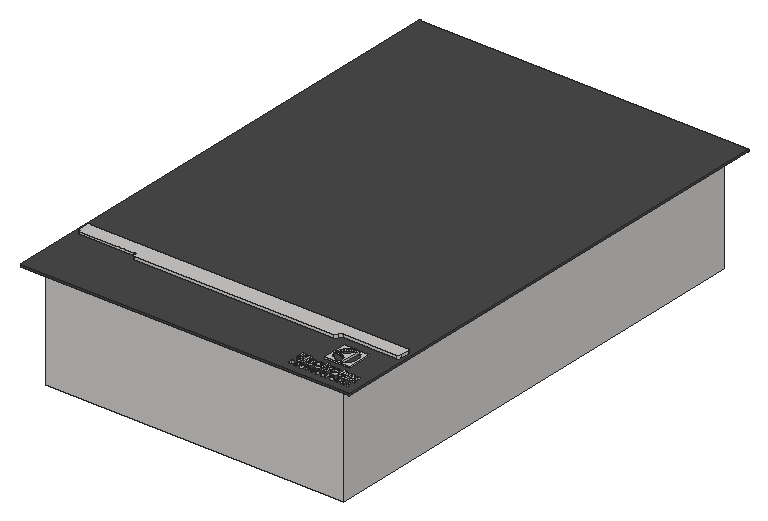
Revit family "QF_ELECTROLUXPROFESSIONAL_600876_E1HDEDOMCS", category Specialty Equipment, Revit 2018
Family settings
  Round Connector Dimension = Use Diameter
  Part Type = Normal
  Work Plane-Based = No
  Always vertical = Yes
  Cut with Voids When Loaded = No
  Shared = No
  Room Calculation Point = No
Parameters
  Watts = 0 W
  Volts = 0 V
  URL = ""
  Steam Supply Size = 0 mm
  Steam Supply Minimum Pressure = 0.0 Pa
  Steam Supply Maximum Pressure = 0.0 Pa
  Steam Pounds per Hour = 0
  Show Logo [instance] = yes
  Manufacturer = ""
  Phase = 0
  Model = ""
  Item Number = ""
  Hot Water Size = 0 mm
  HP = "4.7 HP"
  Gas Size = 0 mm
  Gas KW = 0
  Direct Waste Size = 0 mm
  Description = ""
  Cycle = 0 Hz
  Condensate Return Size = 0 mm
  Compressed Air Volume = 0.0 L/s
  Compressed Air Size = 0 mm
  Compressed Air Pressure = 0.0 Pa
  Cold Water Size = 0 mm
Reference planes
  plane 1 "Centro (Fronte/Retro)": y = 74.737
  plane 2: z = 0
  plane 3: x = -514.269
  plane 4 "LEFT": x = -709.269
  plane 5 "RIGHT": x = -319.269
  plane 6 "BACK": y = 369.737
  plane 7 "FRONT": y = -220.263
  plane 8: y = -124.263
  plane 9: z = 774
  plane 10: x = -690.269
  plane 11: x = -338.269
  plane 12: y = 355.737
  plane 13: y = -205.263
  plane 14: x = -442.269
  plane 15: y = 179.737
  plane 16: z = 900
Forms (mm)
  Extrusion 1, solid, material "QF_Finishes_Stainless Steel"
    sketch origin (0, 0, 774) x (1, 0, 0) y (0, 1, 0)
      loop
        line (-341.269, 352.737) -> (-687.269, 352.737) -> (-687.269, -202.263) -> (-341.269, -202.263) -> (-341.269, 352.737)
      loop
        line (-690.269, 355.737) -> (-690.269, -205.263) -> (-338.269, -205.263) -> (-338.269, 355.737) -> (-690.269, 355.737)
    from 21 to 126
  Extrusion 2, solid, material "QF_Finishes_Black"
    sketch origin (0, 0, 900) x (-1, 0, 0) y (0, -1, 0)
      loop
        arc (707.269, -369.737) -> (708.683, -369.151) -> (709.269, -367.737) r 2
        line (709.269, -367.737) -> (709.269, 218.263)
        arc (709.269, 218.263) -> (708.683, 219.677) -> (707.269, 220.263) r 2
        line (707.269, 220.263) -> (321.269, 220.263)
        arc (321.269, 220.263) -> (319.854, 219.677) -> (319.269, 218.263) r 2
        line (319.269, 218.263) -> (319.269, -367.737)
        arc (319.269, -367.737) -> (319.854, -369.151) -> (321.269, -369.737) r 2
        line (321.269, -369.737) -> (707.269, -369.737)
    from 0 to 2
  Extrusion 3, solid, material "QF_Finishes_Stainless Steel"
    sketch origin (0, 0, 900) x (-1, 0, 0) y (0, -1, 0)
      loop
        arc (701.269, 124.263) -> (703.39, 125.142) -> (704.269, 127.263) r 3
        line (704.269, 127.263) -> (704.269, 137.763)
        arc (704.269, 137.763) -> (703.39, 139.884) -> (701.269, 140.763) r 3
        line (701.269, 140.763) -> (637.269, 140.763)
        arc (637.269, 140.763) -> (635.147, 141.642) -> (634.269, 143.763) r 3
        arc (634.269, 143.763) -> (633.39, 145.884) -> (631.269, 146.763) r 3
        line (631.269, 146.763) -> (397.269, 146.763)
        arc (397.269, 146.763) -> (395.147, 145.884) -> (394.269, 143.763) r 3
        arc (394.269, 143.763) -> (393.39, 141.642) -> (391.269, 140.763) r 3
        line (391.269, 140.763) -> (327.269, 140.763)
        arc (327.269, 140.763) -> (325.147, 139.884) -> (324.269, 137.763) r 3
        line (324.269, 137.763) -> (324.269, 127.263)
        arc (324.269, 127.263) -> (325.147, 125.142) -> (327.269, 124.263) r 3
        line (327.269, 124.263) -> (701.269, 124.263)
    from 2 to 5
  Extrusion 4, solid, material "QF_Finishes_Stainless Steel"
    sketch origin (0, 0, 775) x (1, 0, 0) y (0, 1, 0)
      loop
        line (-690.269, 355.737) -> (-690.269, -205.263) -> (-338.269, -205.263) -> (-338.269, 355.737) -> (-690.269, 355.737)
    from 0 to 20
  Extrusion 5, solid, material "QF_Finishes_Stainless Steel"
    sketch origin (0, 0, 127) x (-1, 0, 0) y (0, -1, 0)
      loop
        circle (442.269, -179.737) r 10
    from 638.028 to 648
Cuts and joins
  joined: Extrusion 1, Extrusion 4
Lines and regions (mm)
  Split face 1
    outline origin (0, 0, 902) x (-1, 0, 0) y (0, -1, 0)
      loop
        line (324.269, 124.263) -> (324.269, -364.737) -> (704.269, -364.737) -> (704.269, 124.263) -> (324.269, 124.263)
  Split face 2
    outline origin (0, 0, 902) x (-1, 0, 0) y (0, -1, 0)
      loop
        line (704.269, -364.737) -> (704.269, 124.263) -> (324.269, 124.263) -> (324.269, -364.737) -> (704.269, -364.737)
  Split face 3
    outline origin (0, 0, 902) x (-1, 0, 0) y (0, -1, 0)
      loop
        circle (514.269, -120.237) r 139
  symbolic lines
    curve 1: arc (-375.269, 120.237, 126) -> (-514.269, 259.237, 126) -> (-653.269, 120.237, 126) r 139
    curve 2: arc (-653.269, 120.237, 126) -> (-514.269, -18.763, 126) -> (-375.269, 120.237, 126) r 139
    curve 3: line (-701.269, -140.763, 126) -> (-637.269, -140.763, 126)
    curve 4: arc (-637.269, -140.763, 126) -> (-635.147, -141.642, 126) -> (-634.269, -143.763, 126) r 3
    curve 5: arc (-634.269, -143.763, 126) -> (-633.39, -145.884, 126) -> (-631.269, -146.763, 126) r 3
    curve 6: line (-631.269, -146.763, 126) -> (-397.269, -146.763, 126)
    curve 7: arc (-397.269, -146.763, 126) -> (-395.147, -145.884, 126) -> (-394.269, -143.763, 126) r 3
    curve 8: arc (-394.269, -143.763, 126) -> (-393.39, -141.642, 126) -> (-391.269, -140.763, 126) r 3
    curve 9: line (-391.269, -140.763, 126) -> (-327.269, -140.763, 126)
    curve 10: arc (-327.269, -140.763, 126) -> (-325.147, -139.884, 126) -> (-324.269, -137.763, 126) r 3
    curve 11: line (-324.269, -137.763, 126) -> (-324.269, -127.263, 126)
    curve 12: arc (-324.269, -127.263, 126) -> (-325.147, -125.142, 126) -> (-327.269, -124.263, 126) r 3
    curve 13: line (-324.269, -124.263, 126) -> (-704.269, -124.263, 126)
    curve 14: arc (-701.269, -124.263, 126) -> (-703.39, -125.142, 126) -> (-704.269, -127.263, 126) r 3
    curve 15: line (-704.269, -127.263, 126) -> (-704.269, -137.763, 126)
    curve 16: arc (-704.269, -137.763, 126) -> (-703.39, -139.884, 126) -> (-701.269, -140.763, 126) r 3
    curve 17: line (-704.269, -124.263, 126) -> (-704.269, 364.737, 126)
    curve 18: line (-324.269, 364.737, 126) -> (-324.269, -124.263, 126)
    curve 19: line (-704.269, 364.737, 126) -> (-324.269, 364.737, 126)
    curve 20: line (-321.269, 369.737, 126) -> (-707.269, 369.737, 126)
    curve 21: arc (-707.269, 369.737, 126) -> (-708.683, 369.151, 126) -> (-709.269, 367.737, 126) r 2
    curve 22: line (-709.269, 367.737, 126) -> (-709.269, -218.263, 126)
    curve 23: arc (-709.269, -218.263, 126) -> (-708.683, -219.677, 126) -> (-707.269, -220.263, 126) r 2
    curve 24: line (-707.269, -220.263, 126) -> (-321.269, -220.263, 126)
    curve 25: arc (-321.269, -220.263, 126) -> (-319.854, -219.677, 126) -> (-319.269, -218.263, 126) r 2
    curve 26: line (-319.269, -218.263, 126) -> (-319.269, 367.737, 126)
    curve 27: arc (-319.269, 367.737, 126) -> (-319.854, 369.151, 126) -> (-321.269, 369.737, 126) r 2
    curve 28: line (-378.626, -153.452, 126) -> (-378.626, -182.168, 126)
    curve 29: line (-349.912, -153.452, 126) -> (-378.626, -153.452, 126)
    curve 30: line (-349.912, -182.168, 126) -> (-349.912, -153.452, 126)
    curve 31: line (-378.626, -182.168, 126) -> (-349.912, -182.168, 126)
    curve 32: line (-366.78, -170.975, 126) -> (-365.524, -171.98, 126)
    curve 33: line (-365.524, -171.98, 126) -> (-364.403, -173.12, 126)
    curve 34: line (-364.403, -173.12, 126) -> (-363.439, -174.381, 126)
    curve 35: line (-363.439, -174.381, 126) -> (-362.652, -175.748, 126)
    curve 36: arc (-362.652, -175.748, 126) -> (-361.85, -177.982, 126) -> (-361.568, -180.34, 126) r 10.532
    curve 37: arc (-361.568, -180.34, 126) -> (-362.906, -180.548, 126) -> (-364.258, -180.63, 126) r 14.39
    curve 38: line (-364.258, -180.63, 126) -> (-365.828, -180.532, 126)
    curve 39: line (-365.828, -180.532, 126) -> (-367.331, -180.252, 126)
    curve 40: line (-367.331, -180.252, 126) -> (-368.77, -179.801, 126)
    curve 41: line (-368.77, -179.801, 126) -> (-370.134, -179.191, 126)
    curve 42: line (-370.134, -179.191, 126) -> (-371.411, -178.434, 126)
    curve 43: line (-371.411, -178.434, 126) -> (-372.589, -177.541, 126)
    curve 44: line (-372.589, -177.541, 126) -> (-373.656, -176.525, 126)
    curve 45: line (-373.656, -176.525, 126) -> (-374.6, -175.397, 126)
    curve 46: line (-374.6, -175.397, 126) -> (-375.41, -174.168, 126)
    curve 47: line (-375.41, -174.168, 126) -> (-376.073, -172.852, 126)
    curve 48: line (-376.073, -172.852, 126) -> (-376.579, -171.46, 126)
    curve 49: line (-376.579, -171.46, 126) -> (-376.915, -170.003, 126)
    curve 50: line (-376.915, -170.003, 126) -> (-377.069, -168.493, 126)
    curve 51: line (-377.069, -168.493, 126) -> (-374.35, -168.493, 126)
    curve 52: line (-374.35, -168.493, 126) -> (-372.734, -168.602, 126)
    curve 53: line (-372.734, -168.602, 126) -> (-371.148, -168.919, 126)
    curve 54: line (-371.148, -168.919, 126) -> (-369.613, -169.43, 126)
    curve 55: line (-369.613, -169.43, 126) -> (-368.15, -170.12, 126)
    curve 56: line (-368.15, -170.12, 126) -> (-366.78, -170.975, 126)
    curve 57: line (-364.403, -162.507, 126) -> (-365.524, -163.648, 126)
    curve 58: line (-365.524, -163.648, 126) -> (-366.781, -164.654, 126)
    curve 59: line (-366.781, -164.654, 126) -> (-368.151, -165.509, 126)
    curve 60: line (-368.151, -165.509, 126) -> (-369.615, -166.2, 126)
    curve 61: line (-369.615, -166.2, 126) -> (-371.15, -166.712, 126)
    curve 62: line (-371.15, -166.712, 126) -> (-372.736, -167.029, 126)
    curve 63: line (-372.736, -167.029, 126) -> (-374.352, -167.138, 126)
    curve 64: line (-374.352, -167.138, 126) -> (-377.067, -167.138, 126)
    curve 65: line (-377.067, -167.138, 126) -> (-376.852, -165.495, 126)
    curve 66: line (-376.852, -165.495, 126) -> (-376.439, -163.92, 126)
    curve 67: line (-376.439, -163.92, 126) -> (-375.841, -162.424, 126)
    curve 68: line (-375.841, -162.424, 126) -> (-375.07, -161.023, 126)
    curve 69: line (-375.07, -161.023, 126) -> (-374.141, -159.732, 126)
    curve 70: line (-374.141, -159.732, 126) -> (-373.065, -158.564, 126)
    curve 71: line (-373.065, -158.564, 126) -> (-371.856, -157.535, 126)
    curve 72: line (-371.856, -157.535, 126) -> (-370.527, -156.661, 126)
    curve 73: line (-370.527, -156.661, 126) -> (-369.091, -155.954, 126)
    curve 74: line (-369.091, -155.954, 126) -> (-367.562, -155.431, 126)
    curve 75: line (-367.562, -155.431, 126) -> (-365.952, -155.107, 126)
    curve 76: arc (-365.952, -155.107, 126) -> (-363.752, -155.007, 126) -> (-361.567, -155.279, 126) r 13.008
    curve 77: arc (-361.567, -155.279, 126) -> (-361.815, -157.647, 126) -> (-362.651, -159.876, 126) r 9.395
    curve 78: line (-362.651, -159.876, 126) -> (-363.438, -161.245, 126)
    curve 79: line (-363.438, -161.245, 126) -> (-364.403, -162.507, 126)
    curve 80: line (-360.221, -179.969, 126) -> (-360.221, -155.646, 126)
    curve 81: line (-360.221, -155.646, 126) -> (-358.743, -156.237, 126)
    curve 82: line (-358.743, -156.237, 126) -> (-357.363, -157.003, 126)
    curve 83: line (-357.363, -157.003, 126) -> (-356.095, -157.931, 126)
    curve 84: line (-356.095, -157.931, 126) -> (-354.951, -159.007, 126)
    curve 85: line (-354.951, -159.007, 126) -> (-353.945, -160.217, 126)
    curve 86: line (-353.945, -160.217, 126) -> (-353.092, -161.548, 126)
    curve 87: line (-353.092, -161.548, 126) -> (-352.403, -162.986, 126)
    curve 88: line (-352.403, -162.986, 126) -> (-351.894, -164.517, 126)
    curve 89: line (-351.894, -164.517, 126) -> (-351.576, -166.128, 126)
    curve 90: line (-351.576, -166.128, 126) -> (-351.464, -167.804, 126)
    curve 91: line (-351.464, -167.804, 126) -> (-351.567, -169.456, 126)
    curve 92: line (-351.567, -169.456, 126) -> (-351.873, -171.047, 126)
    curve 93: line (-351.873, -171.047, 126) -> (-352.372, -172.563, 126)
    curve 94: line (-352.372, -172.563, 126) -> (-353.05, -173.992, 126)
    curve 95: line (-353.05, -173.992, 126) -> (-353.897, -175.319, 126)
    curve 96: line (-353.897, -175.319, 126) -> (-354.899, -176.532, 126)
    curve 97: line (-354.899, -176.532, 126) -> (-356.044, -177.617, 126)
    curve 98: line (-356.044, -177.617, 126) -> (-357.321, -178.56, 126)
    curve 99: line (-357.321, -178.56, 126) -> (-358.718, -179.349, 126)
    curve 100: line (-358.718, -179.349, 126) -> (-360.221, -179.969, 126)
    curve 101: line (-392.542, -189.445, 126) -> (-399.495, -189.445, 126)
    curve 102: line (-399.495, -189.445, 126) -> (-399.495, -193.353, 126)
    curve 103: line (-399.495, -193.353, 126) -> (-399.495, -197.154, 126)
    curve 104: arc (-399.495, -197.154, 126) -> (-398.466, -199.638, 126) -> (-395.982, -200.667, 126) r 3.513
    curve 105: line (-395.982, -200.667, 126) -> (-392.408, -200.667, 126)
    curve 106: line (-392.408, -200.667, 126) -> (-392.408, -198.85, 126)
    curve 107: line (-392.408, -198.85, 126) -> (-395.966, -198.85, 126)
    curve 108: arc (-395.966, -198.85, 126) -> (-397.094, -198.382, 126) -> (-397.562, -197.254, 126) r 1.596
    curve 109: line (-397.562, -197.254, 126) -> (-397.562, -195.74, 126)
    curve 110: line (-397.562, -195.74, 126) -> (-392.843, -195.74, 126)
    curve 111: line (-392.843, -195.74, 126) -> (-392.843, -193.917, 126)
    curve 112: line (-392.843, -193.917, 126) -> (-397.563, -193.917, 126)
    curve 113: line (-397.563, -193.917, 126) -> (-397.563, -191.264, 126)
    curve 114: line (-397.563, -191.264, 126) -> (-392.542, -191.264, 126)
    curve 115: line (-392.542, -191.264, 126) -> (-392.542, -189.445, 126)
    curve 116: line (-391.035, -189.455, 126) -> (-391.035, -194.76, 126)
    curve 117: line (-391.035, -194.76, 126) -> (-391.035, -200.681, 126)
    curve 118: line (-391.035, -200.681, 126) -> (-389.101, -200.681, 126)
    curve 119: line (-389.101, -200.681, 126) -> (-389.101, -194.721, 126)
    curve 120: line (-389.101, -194.721, 126) -> (-389.101, -189.455, 126)
    curve 121: line (-389.101, -189.455, 126) -> (-391.035, -189.455, 126)
    curve 122: arc (-380.394, -193.787, 126) -> (-383.654, -192.313, 126) -> (-386.913, -193.787, 126) r 4.34
    curve 123: arc (-386.913, -193.787, 126) -> (-387.819, -196.606, 126) -> (-386.913, -199.425, 126) r 4.838
    curve 124: arc (-386.913, -199.425, 126) -> (-383.498, -200.88, 126) -> (-380.082, -199.425, 126) r 4.737
    curve 125: line (-380.082, -199.425, 126) -> (-381.246, -198.293, 126)
    curve 126: arc (-381.246, -198.293, 126) -> (-383.382, -199.237, 126) -> (-385.517, -198.293, 126) r 2.888
    curve 127: arc (-385.517, -198.293, 126) -> (-385.841, -197.736, 126) -> (-385.905, -197.095, 126) r 1.527
    curve 128: line (-385.905, -197.095, 126) -> (-379.564, -197.095, 126)
    curve 129: arc (-379.564, -197.095, 126) -> (-379.672, -195.364, 126) -> (-380.394, -193.787, 126) r 4.757
    curve 130: arc (-385.858, -195.736, 126) -> (-385.043, -194.411, 126) -> (-383.56, -193.941, 126) r 2.23
    curve 131: arc (-383.56, -193.941, 126) -> (-382.221, -194.482, 126) -> (-381.505, -195.736, 126) r 2.201
    curve 132: line (-381.505, -195.736, 126) -> (-385.858, -195.736, 126)
    curve 133: arc (-370.832, -193.681, 126) -> (-378.564, -196.594, 126) -> (-370.832, -199.507, 126) r 4.415
    curve 134: line (-370.832, -199.507, 126) -> (-372.029, -198.26, 126)
    curve 135: arc (-372.029, -198.26, 126) -> (-376.639, -196.593, 126) -> (-372.029, -194.927, 126) r 2.606
    curve 136: line (-372.029, -194.927, 126) -> (-370.832, -193.681, 126)
    curve 137: line (-369.629, -189.455, 126) -> (-369.629, -193.481, 126)
    curve 138: line (-369.629, -193.481, 126) -> (-369.629, -197.299, 126)
    curve 139: arc (-369.629, -197.299, 126) -> (-368.592, -199.893, 126) -> (-365.911, -200.681, 126) r 3.196
    curve 140: line (-365.911, -200.681, 126) -> (-365.904, -198.864, 126)
    curve 141: arc (-365.904, -198.864, 126) -> (-367.239, -198.457, 126) -> (-367.699, -197.14, 126) r 1.542
    curve 142: line (-367.699, -197.14, 126) -> (-367.699, -194.319, 126)
    curve 143: line (-367.699, -194.319, 126) -> (-365.94, -194.319, 126)
    curve 144: line (-365.94, -194.319, 126) -> (-365.94, -192.562, 126)
    curve 145: line (-365.94, -192.562, 126) -> (-367.696, -192.562, 126)
    curve 146: line (-367.696, -192.562, 126) -> (-367.696, -189.455, 126)
    curve 147: line (-367.696, -189.455, 126) -> (-369.629, -189.455, 126)
    curve 148: arc (-359.402, -192.451, 126) -> (-361.13, -192.587, 126) -> (-362.397, -193.771, 126) r 2.627
    curve 149: line (-362.397, -193.771, 126) -> (-362.397, -192.563, 126)
    curve 150: line (-362.397, -192.563, 126) -> (-364.315, -192.563, 126)
    curve 151: line (-364.315, -192.563, 126) -> (-364.315, -196.541, 126)
    curve 152: line (-364.315, -196.541, 126) -> (-364.315, -200.681, 126)
    curve 153: line (-364.315, -200.681, 126) -> (-362.397, -200.681, 126)
    curve 154: line (-362.397, -200.681, 126) -> (-362.397, -196.412, 126)
    curve 155: arc (-362.397, -196.412, 126) -> (-361.445, -194.585, 126) -> (-359.402, -194.319, 126) r 2.229
    curve 156: line (-359.402, -194.319, 126) -> (-359.402, -192.451, 126)
    curve 157: arc (-359.088, -196.625, 126) -> (-354.668, -201.046, 126) -> (-350.248, -196.625, 126) r 4.42
    curve 158: arc (-350.248, -196.625, 126) -> (-354.668, -192.205, 126) -> (-359.088, -196.625, 126) r 4.42
    curve 159: arc (-357.176, -196.625, 126) -> (-354.668, -194.117, 126) -> (-352.16, -196.625, 126) r 2.508
    curve 160: arc (-352.16, -196.625, 126) -> (-354.668, -199.134, 126) -> (-357.176, -196.625, 126) r 2.508
    curve 161: line (-349.058, -194.566, 126) -> (-349.058, -200.682, 126)
    curve 162: line (-349.058, -200.682, 126) -> (-347.124, -200.682, 126)
    curve 163: line (-347.124, -200.682, 126) -> (-347.124, -194.643, 126)
    curve 164: line (-347.124, -194.643, 126) -> (-347.124, -189.454, 126)
    curve 165: line (-347.124, -189.454, 126) -> (-349.058, -189.454, 126)
    curve 166: line (-349.058, -189.454, 126) -> (-349.058, -194.566, 126)
    curve 167: line (-345.646, -192.562, 126) -> (-345.646, -194.915, 126)
    curve 168: line (-345.646, -194.915, 126) -> (-345.646, -197.715, 126)
    curve 169: arc (-345.646, -197.715, 126) -> (-341.931, -201.044, 126) -> (-338.204, -197.728, 126) r 3.745
    curve 170: line (-338.204, -197.728, 126) -> (-338.204, -194.915, 126)
    curve 171: line (-338.204, -194.915, 126) -> (-338.204, -192.562, 126)
    curve 172: line (-338.204, -192.562, 126) -> (-340.152, -192.562, 126)
    curve 173: line (-340.152, -192.562, 126) -> (-340.152, -197.299, 126)
    curve 174: arc (-340.152, -197.299, 126) -> (-341.925, -199.071, 126) -> (-343.697, -197.299, 126) r 1.772
    curve 175: line (-343.697, -197.299, 126) -> (-343.697, -192.562, 126)
    curve 176: line (-343.697, -192.562, 126) -> (-345.646, -192.562, 126)
    curve 177: line (-331.418, -192.563, 126) -> (-333.174, -194.995, 126)
    curve 178: line (-333.174, -194.995, 126) -> (-334.946, -192.563, 126)
    curve 179: line (-334.946, -192.563, 126) -> (-337.039, -192.563, 126)
    curve 180: line (-337.039, -192.563, 126) -> (-335.839, -194.205, 126)
    curve 181: line (-335.839, -194.205, 126) -> (-334.237, -196.397, 126)
    curve 182: line (-334.237, -196.397, 126) -> (-335.916, -198.735, 126)
    curve 183: line (-335.916, -198.735, 126) -> (-337.313, -200.682, 126)
    curve 184: line (-337.313, -200.682, 126) -> (-335.235, -200.682, 126)
    curve 185: line (-335.235, -200.682, 126) -> (-333.174, -197.813, 126)
    curve 186: line (-333.174, -197.813, 126) -> (-331.112, -200.682, 126)
    curve 187: line (-331.112, -200.682, 126) -> (-329.034, -200.682, 126)
    curve 188: line (-329.034, -200.682, 126) -> (-330.891, -198.085, 126)
    curve 189: line (-330.891, -198.085, 126) -> (-332.11, -196.38, 126)
    curve 190: line (-332.11, -196.38, 126) -> (-330.601, -194.325, 126)
    curve 191: line (-330.601, -194.325, 126) -> (-329.308, -192.563, 126)
    curve 192: line (-329.308, -192.563, 126) -> (-331.418, -192.563, 126)
    curve 193: line (-331.398, -205.699, 126) -> (-331.398, -209.59, 126)
    curve 194: line (-331.398, -209.59, 126) -> (-329.102, -209.59, 126)
    curve 195: line (-329.102, -209.59, 126) -> (-329.102, -208.79, 126)
    curve 196: line (-329.102, -208.79, 126) -> (-330.599, -208.79, 126)
    curve 197: line (-330.599, -208.79, 126) -> (-330.599, -205.699, 126)
    curve 198: line (-330.599, -205.699, 126) -> (-331.398, -205.699, 126)
    curve 199: line (-334.574, -209.59, 126) -> (-336.095, -205.7, 126)
    curve 200: line (-336.095, -205.7, 126) -> (-336.895, -205.7, 126)
    curve 201: line (-336.895, -205.7, 126) -> (-338.488, -209.59, 126)
    curve 202: line (-338.488, -209.59, 126) -> (-337.629, -209.59, 126)
    curve 203: line (-337.629, -209.59, 126) -> (-337.25, -208.75, 126)
    curve 204: line (-337.25, -208.75, 126) -> (-335.811, -208.75, 126)
    curve 205: line (-335.811, -208.75, 126) -> (-335.432, -209.59, 126)
    curve 206: line (-335.432, -209.59, 126) -> (-334.574, -209.59, 126)
    curve 207: line (-336.947, -207.983, 126) -> (-336.529, -206.965, 126)
    curve 208: line (-336.529, -206.965, 126) -> (-336.131, -207.983, 126)
    curve 209: line (-336.131, -207.983, 126) -> (-336.947, -207.983, 126)
    curve 210: line (-341.641, -209.59, 126) -> (-341.641, -205.699, 126)
    curve 211: line (-341.641, -205.699, 126) -> (-342.471, -205.699, 126)
    curve 212: line (-342.471, -205.699, 126) -> (-342.471, -208.219, 126)
    curve 213: line (-342.471, -208.219, 126) -> (-344.251, -205.699, 126)
    curve 214: line (-344.251, -205.699, 126) -> (-345.051, -205.699, 126)
    curve 215: line (-345.051, -205.699, 126) -> (-345.051, -209.59, 126)
    curve 216: line (-345.051, -209.59, 126) -> (-344.221, -209.59, 126)
    curve 217: line (-344.221, -209.59, 126) -> (-344.221, -207.143, 126)
    curve 218: line (-344.221, -207.143, 126) -> (-342.441, -209.59, 126)
    curve 219: line (-342.441, -209.59, 126) -> (-341.641, -209.59, 126)
    curve 220: arc (-349.119, -207.668, 126) -> (-350.407, -208.956, 126) -> (-351.695, -207.668, 126) r 1.288
    curve 221: arc (-351.695, -207.668, 126) -> (-350.407, -206.38, 126) -> (-349.119, -207.668, 126) r 1.288
    curve 222: arc (-348.342, -207.668, 126) -> (-350.407, -205.603, 126) -> (-352.472, -207.668, 126) r 2.065
    curve 223: arc (-352.472, -207.668, 126) -> (-350.407, -209.733, 126) -> (-348.342, -207.668, 126) r 2.065
    curve 224: line (-355.791, -209.59, 126) -> (-355.791, -205.699, 126)
    curve 225: line (-355.791, -205.699, 126) -> (-356.591, -205.699, 126)
    curve 226: line (-356.591, -205.699, 126) -> (-356.591, -209.59, 126)
    curve 227: line (-356.591, -209.59, 126) -> (-355.791, -209.59, 126)
    curve 228: arc (-360.746, -209.568, 126) -> (-359.926, -208.793, 126) -> (-360.211, -207.702, 126) r 1.107
    curve 229: arc (-360.211, -207.702, 126) -> (-360.788, -207.348, 126) -> (-361.405, -207.067, 126) r 5.523
    curve 230: arc (-361.405, -207.067, 126) -> (-361.745, -206.55, 126) -> (-361.183, -206.293, 126) r 0.407
    curve 231: arc (-361.183, -206.293, 126) -> (-360.846, -206.498, 126) -> (-360.566, -206.775, 126) r 1.702
    curve 232: line (-360.566, -206.775, 126) -> (-359.88, -206.363, 126)
    curve 233: arc (-359.88, -206.363, 126) -> (-360.313, -205.902, 126) -> (-360.848, -205.566, 126) r 2.463
    curve 234: arc (-360.848, -205.566, 126) -> (-362.518, -206.347, 126) -> (-361.471, -207.864, 126) r 1.207
    curve 235: line (-361.471, -207.864, 126) -> (-361.009, -208.812, 126)
    curve 236: arc (-361.009, -208.812, 126) -> (-361.653, -208.798, 126) -> (-362.132, -208.367, 126) r 0.925
    curve 237: line (-362.132, -208.367, 126) -> (-362.851, -208.718, 126)
    curve 238: arc (-362.851, -208.718, 126) -> (-361.958, -209.538, 126) -> (-360.746, -209.568, 126) r 1.725
    curve 239: arc (-366.606, -209.568, 126) -> (-365.785, -208.793, 126) -> (-366.071, -207.702, 126) r 1.107
    curve 240: arc (-366.071, -207.702, 126) -> (-366.648, -207.348, 126) -> (-367.264, -207.067, 126) r 5.523
    curve 241: arc (-367.264, -207.067, 126) -> (-367.604, -206.55, 126) -> (-367.043, -206.293, 126) r 0.407
    curve 242: arc (-367.043, -206.293, 126) -> (-366.706, -206.498, 126) -> (-366.425, -206.775, 126) r 1.702
    curve 243: line (-366.425, -206.775, 126) -> (-365.74, -206.363, 126)
    curve 244: arc (-365.74, -206.363, 126) -> (-366.172, -205.902, 126) -> (-366.708, -205.566, 126) r 2.463
    curve 245: arc (-366.708, -205.566, 126) -> (-368.378, -206.347, 126) -> (-367.331, -207.864, 126) r 1.207
    curve 246: line (-367.331, -207.864, 126) -> (-366.868, -208.812, 126)
    curve 247: arc (-366.868, -208.812, 126) -> (-367.513, -208.798, 126) -> (-367.991, -208.367, 126) r 0.925
    curve 248: line (-367.991, -208.367, 126) -> (-368.711, -208.718, 126)
    curve 249: arc (-368.711, -208.718, 126) -> (-367.818, -209.538, 126) -> (-366.606, -209.568, 126) r 1.725
    curve 250: line (-373.017, -209.59, 126) -> (-371.761, -209.59, 126)
    curve 251: line (-371.761, -209.59, 126) -> (-371.761, -208.79, 126)
    curve 252: line (-371.761, -208.79, 126) -> (-372.922, -208.79, 126)
    curve 253: arc (-372.922, -208.79, 126) -> (-373.361, -208.576, 126) -> (-373.464, -208.099, 126) r 0.558
    curve 254: line (-373.464, -208.099, 126) -> (-371.907, -208.099, 126)
    curve 255: line (-371.907, -208.099, 126) -> (-371.907, -207.299, 126)
    curve 256: line (-371.907, -207.299, 126) -> (-373.464, -207.299, 126)
    curve 257: line (-373.464, -207.299, 126) -> (-373.464, -206.499, 126)
    curve 258: line (-373.464, -206.499, 126) -> (-371.799, -206.499, 126)
    curve 259: line (-371.799, -206.499, 126) -> (-371.799, -205.699, 126)
    curve 260: line (-371.799, -205.699, 126) -> (-374.264, -205.699, 126)
    curve 261: line (-374.264, -205.699, 126) -> (-374.264, -208.344, 126)
    curve 262: arc (-374.264, -208.344, 126) -> (-373.899, -209.225, 126) -> (-373.017, -209.59, 126) r 1.246
    curve 263: line (-379.169, -209.59, 126) -> (-379.169, -208.099, 126)
    curve 264: line (-379.169, -208.099, 126) -> (-377.704, -208.099, 126)
    curve 265: line (-377.704, -208.099, 126) -> (-377.704, -207.299, 126)
    curve 266: line (-377.704, -207.299, 126) -> (-379.169, -207.299, 126)
    curve 267: line (-379.169, -207.299, 126) -> (-379.169, -206.499, 126)
    curve 268: line (-379.169, -206.499, 126) -> (-377.564, -206.499, 126)
    curve 269: line (-377.564, -206.499, 126) -> (-377.564, -205.699, 126)
    curve 270: line (-377.564, -205.699, 126) -> (-379.969, -205.699, 126)
    curve 271: line (-379.969, -205.699, 126) -> (-379.969, -209.59, 126)
    curve 272: line (-379.969, -209.59, 126) -> (-379.169, -209.59, 126)
    curve 273: arc (-387.472, -207.668, 126) -> (-385.407, -209.733, 126) -> (-383.342, -207.668, 126) r 2.065
    curve 274: arc (-384.119, -207.668, 126) -> (-385.407, -208.956, 126) -> (-386.695, -207.668, 126) r 1.288
    curve 275: arc (-386.695, -207.668, 126) -> (-385.407, -206.38, 126) -> (-384.119, -207.668, 126) r 1.288
    curve 276: arc (-383.342, -207.668, 126) -> (-385.407, -205.603, 126) -> (-387.472, -207.668, 126) r 2.065
    curve 277: line (-390.05, -209.59, 126) -> (-391.058, -207.929, 126)
    curve 278: arc (-391.058, -207.929, 126) -> (-390.677, -206.531, 126) -> (-391.863, -205.699, 126) r 1.26
    curve 279: line (-391.863, -205.699, 126) -> (-393.389, -205.699, 126)
    curve 280: line (-393.389, -205.699, 126) -> (-393.389, -209.59, 126)
    curve 281: line (-393.389, -209.59, 126) -> (-392.589, -209.59, 126)
    curve 282: line (-392.589, -209.59, 126) -> (-392.589, -208.249, 126)
    curve 283: line (-392.589, -208.249, 126) -> (-391.763, -208.249, 126)
    curve 284: line (-391.763, -208.249, 126) -> (-390.957, -209.59, 126)
    curve 285: line (-390.957, -209.59, 126) -> (-390.05, -209.59, 126)
    curve 286: line (-391.782, -207.52, 126) -> (-392.589, -207.52, 126)
    curve 287: line (-392.589, -207.52, 126) -> (-392.589, -206.434, 126)
    curve 288: line (-392.589, -206.434, 126) -> (-391.782, -206.434, 126)
    curve 289: arc (-391.782, -206.434, 126) -> (-391.383, -206.977, 126) -> (-391.782, -207.52, 126) r 0.569
    curve 290: line (-398.667, -209.59, 126) -> (-398.667, -208.271, 126)
    curve 291: line (-398.667, -208.271, 126) -> (-397.697, -208.271, 126)
    curve 292: arc (-397.697, -208.271, 126) -> (-396.674, -206.863, 126) -> (-397.967, -205.699, 126) r 1.3
    curve 293: line (-397.967, -205.699, 126) -> (-399.467, -205.699, 126)
    curve 294: line (-399.467, -205.699, 126) -> (-399.467, -209.59, 126)
    curve 295: line (-399.467, -209.59, 126) -> (-398.667, -209.59, 126)
    curve 296: line (-397.861, -207.52, 126) -> (-398.667, -207.52, 126)
    curve 297: line (-398.667, -207.52, 126) -> (-398.667, -206.434, 126)
    curve 298: line (-398.667, -206.434, 126) -> (-397.861, -206.434, 126)
    curve 299: arc (-397.861, -206.434, 126) -> (-397.461, -206.977, 126) -> (-397.861, -207.52, 126) r 0.569
Dimensions and locks
  equal spacing: plane 4 "LEFT", plane 3, plane 5 "RIGHT"
  plane 4 "LEFT" to plane 5 "RIGHT" = 390 mm
  equal spacing: plane 6 "BACK", plane 1 "Centro (Fronte/Retro)", plane 7 "FRONT"
  plane 6 "BACK" to plane 7 "FRONT" = 590 mm
  locked: plane 4 "LEFT" to plane 10 at 19
  locked: plane 11 to plane 5 "RIGHT" at 19
  locked: plane 6 "BACK" to plane 12 at 14
  locked: plane 13 to plane 7 "FRONT" at 15
  locked: plane 14 to plane 5 "RIGHT" at 123
  plane 6 "BACK" to plane 15 = 190 mm
  plane 16 to level = 900 mm
  Extrusion 2 to Extrusion 4 = 127 mm
  aligned and locked: level to plane 2
Automatic sketch dimensions
  Extrusion 1 sketch curve to plane 10 = 0 mm
  Extrusion 1 sketch curve to plane 11 = 0 mm
  Extrusion 1 sketch curve to plane 13 = 0 mm
  Extrusion 1 sketch curve to plane 12 = 0 mm
  plane 10 to Extrusion 1 sketch curve = 3 mm
  Extrusion 1 sketch curve to plane 11 = 3 mm
  plane 13 to Extrusion 1 sketch curve = 3 mm
  Extrusion 1 sketch curve to plane 12 = 3 mm
  Extrusion 2 sketch curve to plane 5 "RIGHT" = 0 mm
  Extrusion 2 sketch curve to plane 6 "BACK" = 0 mm
  Extrusion 2 sketch curve to plane 7 "FRONT" = 0 mm
  Extrusion 2 sketch curve to plane 4 "LEFT" = 0 mm
  Extrusion 2 sketch curve to plane 5 "RIGHT" = 2 mm  (x2)
  plane 4 "LEFT" to Extrusion 2 sketch curve = 2 mm
  Extrusion 2 sketch curve to Extrusion 2 sketch curve = 2 mm
  Extrusion 3 sketch curve to plane 8 = 0 mm
  Extrusion 3 sketch curve to plane 5 "RIGHT" = 5 mm
  Extrusion 3 sketch curve to Extrusion 3 sketch curve = 3 mm  (x3)
  Extrusion 3 sketch curve to plane 8 = 19.5 mm
  Extrusion 3 sketch curve to plane 11 = 53 mm
  Extrusion 3 sketch curve to Extrusion 3 sketch curve = 6 mm  (x2)
  Extrusion 3 sketch curve to plane 8 = 22.5 mm
  plane 10 to Extrusion 3 sketch curve = 59 mm
  plane 4 "LEFT" to Extrusion 3 sketch curve = 8 mm  (x2)
  Extrusion 3 sketch curve to plane 8 = 3 mm
  Extrusion 3 sketch curve to Extrusion 3 sketch curve = 10.5 mm  (x2)
  Split face 1 sketch curve to Extrusion 2 = 5 mm  (x3)
  Split face 1 sketch curve to Extrusion 2 = 96 mm
  Extrusion 4 sketch curve to plane 10 = 0 mm
  Extrusion 4 sketch curve to plane 11 = 0 mm
  Extrusion 4 sketch curve to plane 13 = 0 mm
  Extrusion 4 sketch curve to plane 12 = 0 mm
  Extrusion 5 sketch curve to plane 14 = 0 mm
  Extrusion 5 sketch curve to plane 15 = 0 mm
  Split face 2 sketch curve to Extrusion 2 = 5 mm  (x3)
  Split face 2 sketch curve to Extrusion 2 = 96 mm
  Split face 3 sketch curve to Split face 3 sketch curve = 0 mm  (x2)
  Split face 3 sketch curve to Extrusion 2 = 195 mm
  Split face 3 sketch curve to Extrusion 2 = 249.5 mm
  Split face 3 sketch curve to Extrusion 2 = 56 mm
  curve 26 to plane 5 "RIGHT" = 0 mm
  curve 25 to plane 7 "FRONT" = 0 mm
  curve 27 to plane 6 "BACK" = 0 mm
  curve 13 to plane 8 = 0 mm
  curve 2 to plane 3 = 0 mm
  curve 22 to plane 4 "LEFT" = 0 mm
  curve 24 to plane 5 "RIGHT" = 2 mm
  curve 27 to plane 5 "RIGHT" = 2 mm
  curve 11 to plane 8 = 3 mm
  curve 11 to plane 5 "RIGHT" = 5 mm
  curve 27 to curve 19 = 3 mm
  curve 10 to curve 10 = 3 mm
  curve 8 to plane 8 = 19.5 mm
  plane 14 to curve 8 = 51 mm
  curve 8 to curve 6 = 6 mm
  curve 5 to plane 8 = 19.5 mm
  plane 10 to curve 5 = 59 mm
  curve 5 to curve 3 = 6 mm
  plane 4 "LEFT" to curve 3 = 8 mm
  curve 14 to plane 8 = 3 mm
  plane 4 "LEFT" to curve 14 = 8 mm
  plane 4 "LEFT" to curve 19 = 5 mm
  curve 21 to curve 22 = 2 mm
  curve 23 to curve 22 = 2 mm
  curve 27 to curve 18 = 3 mm
  curve 2 to plane 1 "Centro (Fronte/Retro)" = 45.5 mm
  curve 12 to curve 11 = 10.5 mm
  curve 14 to curve 16 = 10.5 mm
  curve 5 to curve 6 = 3 mm
  curve 1 to plane 11 = 37 mm
  curve 29 to curve 8 = 12.643 mm
  curve 8 to curve 28 = 9.689 mm
  curve 29 to plane 11 = 11.643 mm
  plane 13 to curve 30 = 23.095 mm
  curve 30 to curve 35 = 12.741 mm
  curve 36 to curve 34 = 0.787 mm
  curve 35 to curve 38 = 1.605 mm
  curve 34 to curve 33 = 0.964 mm
  curve 34 to curve 37 = 0.045 mm
  curve 34 to curve 32 = 1.121 mm
  curve 37 to curve 38 = 1.57 mm
  curve 33 to curve 56 = 1.256 mm
  curve 38 to curve 39 = 1.503 mm
  curve 56 to curve 55 = 1.37 mm
  curve 39 to curve 41 = 1.439 mm
  curve 55 to curve 54 = 1.463 mm
  curve 40 to curve 41 = 1.364 mm
  curve 55 to curve 53 = 1.535 mm
  curve 42 to curve 43 = 1.277 mm
  curve 43 to curve 36 = 0.689 mm
  curve 43 to curve 44 = 1.178 mm
  curve 53 to curve 53 = 1.586 mm
  curve 43 to curve 44 = 1.067 mm
  curve 53 to curve 52 = 1.616 mm
  curve 44 to curve 45 = 0.944 mm
  curve 45 to curve 47 = 0.81 mm
  curve 46 to curve 47 = 0.664 mm
  curve 47 to curve 48 = 0.506 mm
  curve 48 to curve 49 = 0.336 mm
  curve 50 to curve 50 = 0.154 mm
  curve 28 to curve 37 = 12.789 mm
  curve 37 to curve 50 = 2.252 mm
  curve 51 to curve 52 = 0.109 mm
  curve 52 to curve 53 = 0.317 mm
  curve 53 to curve 54 = 0.511 mm
  curve 50 to curve 50 = 1.51 mm
  curve 54 to curve 56 = 0.69 mm
  curve 55 to curve 56 = 0.855 mm
  curve 49 to curve 49 = 1.457 mm
  curve 32 to curve 32 = 1.005 mm
  curve 48 to curve 48 = 1.393 mm
  curve 32 to curve 33 = 1.14 mm
  curve 48 to curve 47 = 1.316 mm
  curve 33 to curve 34 = 1.261 mm
  curve 47 to curve 46 = 1.228 mm
  curve 35 to curve 35 = 1.367 mm
  curve 45 to curve 45 = 1.128 mm
  curve 45 to curve 43 = 1.016 mm
  curve 43 to curve 43 = 0.893 mm
  curve 42 to curve 42 = 0.757 mm
  curve 41 to curve 40 = 0.61 mm
  curve 40 to curve 39 = 0.451 mm
  curve 43 to curve 36 = 1.968 mm
  curve 39 to curve 38 = 0.28 mm
  curve 38 to curve 38 = 0.098 mm
  curve 78 to curve 37 = 1.797 mm
  curve 78 to curve 79 = 0.787 mm
  curve 76 to curve 37 = 0.187 mm
  curve 78 to curve 57 = 0.965 mm
  curve 57 to curve 57 = 1.121 mm
  curve 77 to curve 75 = 3.3 mm
  curve 57 to curve 58 = 1.256 mm
  curve 76 to curve 75 = 1.61 mm
  curve 59 to curve 60 = 1.37 mm
  curve 74 to curve 74 = 1.53 mm
  curve 59 to curve 61 = 1.464 mm
  curve 74 to curve 73 = 1.436 mm
  curve 72 to curve 77 = 0.433 mm
  curve 60 to curve 62 = 1.535 mm
  curve 72 to curve 71 = 1.329 mm
  curve 52 to curve 62 = 0.002 mm
  curve 71 to curve 71 = 1.209 mm
  curve 71 to curve 70 = 1.076 mm
  curve 51 to curve 64 = 0.002 mm
  curve 69 to curve 69 = 0.93 mm
  curve 68 to curve 68 = 0.771 mm
  curve 67 to curve 67 = 0.598 mm
  curve 66 to curve 66 = 0.413 mm
  curve 65 to curve 50 = 0.002 mm
  curve 75 to curve 37 = 11.134 mm
  curve 76 to curve 74 = 0.325 mm
  curve 74 to curve 77 = 0.059 mm
  curve 74 to curve 73 = 0.523 mm
  curve 77 to curve 73 = 1.171 mm
  curve 72 to curve 72 = 0.875 mm
  curve 71 to curve 71 = 1.029 mm
  curve 71 to curve 69 = 1.168 mm
  curve 75 to curve 78 = 4.77 mm
  curve 69 to curve 68 = 1.292 mm
  curve 78 to curve 78 = 1.368 mm
  curve 68 to curve 67 = 1.401 mm
  curve 78 to curve 57 = 1.262 mm
  curve 57 to curve 57 = 1.141 mm
  curve 67 to curve 66 = 1.495 mm
  curve 57 to curve 58 = 1.006 mm
  curve 66 to curve 65 = 1.575 mm
  curve 59 to curve 59 = 0.856 mm
  curve 59 to curve 60 = 0.691 mm
  curve 60 to curve 61 = 0.512 mm
  curve 62 to curve 52 = 1.573 mm
  curve 64 to curve 50 = 1.354 mm
  curve 37 to curve 76 = 1.764 mm
  curve 91 to curve 76 = 12.798 mm
  curve 91 to curve 92 = 0.102 mm
  curve 90 to curve 89 = 0.112 mm
  curve 91 to curve 92 = 0.306 mm
  curve 89 to curve 88 = 0.317 mm
  curve 92 to curve 93 = 0.499 mm
  curve 88 to curve 88 = 0.51 mm
  curve 94 to curve 94 = 0.679 mm
  curve 87 to curve 86 = 0.688 mm
  curve 94 to curve 95 = 0.846 mm
  curve 86 to curve 86 = 0.854 mm
  curve 96 to curve 97 = 1.002 mm
  curve 85 to curve 84 = 1.005 mm
  curve 96 to curve 98 = 1.146 mm
  curve 84 to curve 83 = 1.144 mm
  curve 97 to curve 99 = 1.277 mm
  curve 83 to curve 82 = 1.269 mm
  curve 98 to curve 99 = 1.396 mm
  curve 82 to curve 82 = 1.38 mm
  curve 100 to curve 37 = 1.347 mm
  curve 77 to curve 81 = 0.367 mm
  curve 80 to curve 81 = 0.591 mm
  curve 81 to curve 82 = 0.766 mm
  curve 82 to curve 84 = 0.928 mm
  curve 83 to curve 84 = 1.076 mm
  curve 84 to curve 85 = 1.21 mm
  curve 85 to curve 87 = 1.331 mm
  curve 86 to curve 88 = 1.438 mm
  curve 88 to curve 89 = 1.531 mm
  curve 88 to curve 90 = 1.611 mm
  curve 89 to curve 90 = 1.677 mm
  curve 91 to curve 91 = 1.652 mm
  curve 91 to curve 93 = 1.591 mm
  curve 92 to curve 94 = 1.516 mm
  curve 94 to curve 94 = 1.429 mm
  curve 94 to curve 95 = 1.327 mm
  curve 96 to curve 96 = 1.213 mm
  curve 96 to curve 98 = 1.085 mm
  curve 97 to curve 98 = 0.943 mm
  curve 98 to curve 100 = 0.789 mm
  curve 100 to curve 37 = 0.371 mm
  plane 13 to curve 106 = 4.596 mm
  curve 28 to curve 106 = 13.782 mm
  curve 106 to curve 115 = 0.134 mm
  curve 114 to curve 112 = 0.301 mm
  curve 106 to curve 107 = 3.558 mm
  curve 108 to curve 105 = 0.017 mm
  curve 104 to curve 110 = 1.58 mm
  curve 109 to curve 113 = 0.001 mm
  curve 108 to curve 103 = 1.933 mm
  curve 115 to curve 104 = 7.709 mm
  curve 101 to curve 113 = 1.819 mm
  curve 113 to curve 103 = 2.089 mm
  curve 114 to curve 111 = 2.654 mm
  curve 111 to curve 111 = 1.823 mm
  curve 104 to curve 108 = 0.1 mm
  curve 120 to curve 111 = 3.741 mm
  curve 117 to curve 105 = 1.373 mm
  curve 101 to curve 116 = 0.01 mm
  curve 111 to curve 119 = 0.804 mm
  curve 119 to curve 117 = 0.039 mm
  curve 105 to curve 117 = 0.014 mm
  curve 128 to curve 119 = 9.537 mm
  plane 13 to curve 125 = 5.838 mm
  curve 129 to curve 125 = 0.518 mm
  plane 13 to curve 125 = 6.97 mm
  curve 125 to curve 125 = 1.164 mm
  curve 126 to curve 123 = 1.735 mm
  curve 123 to curve 126 = 0.401 mm
  curve 126 to curve 124 = 0.116 mm
  curve 126 to curve 122 = 0.272 mm
  curve 122 to curve 129 = 0.632 mm
  curve 129 to curve 127 = 0.102 mm
  curve 127 to curve 128 = 1.517 mm
  curve 124 to curve 125 = 2.151 mm
  curve 124 to curve 126 = 0.207 mm
  curve 124 to curve 129 = 0.379 mm
  curve 126 to curve 123 = 0.257 mm
  curve 126 to curve 122 = 0.304 mm
  curve 129 to curve 128 = 0.573 mm
  curve 129 to curve 127 = 0.744 mm
  curve 129 to curve 129 = 0.83 mm
  curve 126 to curve 123 = 1.396 mm
  curve 132 to curve 123 = 1.476 mm
  curve 124 to curve 131 = 0.171 mm
  curve 131 to curve 130 = 0.001 mm
  curve 132 to curve 127 = 0.048 mm
  curve 132 to curve 127 = 1.358 mm
  curve 131 to curve 124 = 0.003 mm
  curve 131 to curve 130 = 0.029 mm
  plane 13 to curve 134 = 5.756 mm
  curve 134 to curve 128 = 8.732 mm
  plane 13 to curve 136 = 11.582 mm
  curve 136 to curve 134 = 0 mm
  plane 13 to curve 134 = 7.003 mm
  curve 134 to curve 134 = 1.197 mm
  plane 13 to curve 136 = 10.336 mm
  curve 133 to curve 136 = 1.197 mm
  curve 135 to curve 135 = 2.004 mm
  curve 135 to curve 133 = 0.116 mm
  plane 13 to curve 140 = 6.399 mm
  curve 140 to curve 134 = 4.928 mm
  plane 13 to curve 140 = 4.582 mm
  curve 141 to curve 140 = 0.007 mm
  curve 140 to curve 143 = 0.036 mm
  curve 140 to curve 141 = 0.266 mm
  curve 141 to curve 139 = 0.271 mm
  curve 144 to curve 146 = 1.755 mm
  curve 145 to curve 143 = 0.003 mm
  curve 142 to curve 138 = 1.931 mm
  curve 147 to curve 136 = 4.226 mm
  curve 146 to curve 144 = 3.107 mm
  curve 137 to curve 136 = 0.2 mm
  curve 145 to curve 142 = 1.756 mm
  curve 142 to curve 140 = 1.724 mm
  curve 142 to curve 138 = 0.159 mm
  curve 156 to curve 143 = 6.539 mm
  curve 155 to curve 148 = 0.669 mm
  curve 148 to curve 155 = 0.097 mm
  curve 156 to curve 149 = 2.995 mm
  curve 155 to curve 154 = 2.229 mm
  curve 151 to curve 144 = 1.625 mm
  curve 156 to curve 144 = 0.112 mm
  curve 156 to curve 149 = 0.113 mm
  curve 149 to curve 149 = 1.208 mm
  curve 156 to curve 148 = 0.672 mm
  curve 154 to curve 151 = 0.129 mm
  curve 140 to curve 152 = 0 mm
  curve 158 to curve 156 = 4.734 mm
  curve 156 to curve 157 = 2.307 mm
  curve 157 to curve 157 = 4.42 mm
  curve 157 to curve 159 = 0 mm  (x2)
  curve 157 to curve 159 = 1.912 mm
  curve 164 to curve 157 = 3.124 mm
  curve 163 to curve 161 = 1.934 mm
  curve 166 to curve 157 = 7.171 mm
  curve 161 to curve 157 = 2.059 mm
  curve 161 to curve 163 = 0.077 mm
  plane 13 to curve 162 = 4.581 mm
  curve 169 to curve 174 = 0 mm  (x2)
  plane 11 to curve 172 = 0.064 mm
  curve 173 to plane 11 = 1.884 mm
  curve 174 to curve 169 = 1.772 mm
  curve 175 to curve 167 = 1.95 mm
  curve 175 to curve 163 = 2.081 mm
  curve 176 to curve 173 = 0 mm
  curve 172 to curve 170 = 2.353 mm
  curve 163 to curve 167 = 0.272 mm
  curve 170 to curve 169 = 2.384 mm
  curve 174 to curve 168 = 0.416 mm
  plane 13 to curve 187 = 4.581 mm
  plane 11 to curve 187 = 9.234 mm
  curve 187 to curve 191 = 0.273 mm
  curve 191 to curve 191 = 1.293 mm
  curve 187 to curve 189 = 1.857 mm
  curve 187 to curve 187 = 2.078 mm
  curve 190 to curve 192 = 0.817 mm
  curve 188 to curve 189 = 1.22 mm
  curve 189 to curve 186 = 1.064 mm
  curve 189 to curve 178 = 1.064 mm
  curve 178 to curve 182 = 1.063 mm
  curve 177 to curve 179 = 1.772 mm
  plane 11 to curve 185 = 3.033 mm
  curve 179 to curve 181 = 0.893 mm
  curve 184 to curve 183 = 0.68 mm
  curve 180 to curve 171 = 1.165 mm
  plane 11 to curve 184 = 0.955 mm
  curve 171 to curve 192 = 0.001 mm
  curve 171 to curve 180 = 0.001 mm
  curve 179 to curve 181 = 1.642 mm
  curve 177 to curve 190 = 1.761 mm
  curve 190 to curve 177 = 0.67 mm
  curve 178 to curve 190 = 1.386 mm
  curve 178 to curve 182 = 1.402 mm
  curve 181 to curve 186 = 1.417 mm
  curve 189 to curve 188 = 1.705 mm
  curve 169 to curve 182 = 1.007 mm
  curve 182 to curve 183 = 1.947 mm
  curve 195 to plane 13 = 3.527 mm
  curve 187 to curve 195 = 0.068 mm
  curve 197 to plane 13 = 0.436 mm
  curve 196 to curve 197 = 1.496 mm
  curve 196 to curve 193 = 0.8 mm
  curve 196 to curve 194 = 0.8 mm
  curve 193 to curve 206 = 3.175 mm
  curve 199 to curve 205 = 0.859 mm
  curve 205 to curve 205 = 0.379 mm
  curve 199 to plane 13 = 0.437 mm
  plane 11 to curve 199 = 2.174 mm
  curve 199 to curve 201 = 0.8 mm
  plane 11 to curve 203 = 1.018 mm
  plane 11 to curve 202 = 0.64 mm
  curve 202 to plane 11 = 0.219 mm
  curve 199 to curve 204 = 3.051 mm
  curve 203 to curve 203 = 0.84 mm
  curve 204 to curve 199 = 0.84 mm
  curve 204 to curve 209 = 0.32 mm
  curve 208 to curve 208 = 0.398 mm
  curve 208 to curve 209 = 0.815 mm
  curve 200 to curve 208 = 1.265 mm
  curve 207 to curve 203 = 0.767 mm
  curve 201 to curve 210 = 3.153 mm
  curve 210 to curve 218 = 0.8 mm
  curve 210 to curve 211 = 0.83 mm
  curve 212 to curve 217 = 1.749 mm
  curve 213 to plane 13 = 0.436 mm
  curve 218 to curve 213 = 0.031 mm
  curve 217 to curve 215 = 0.831 mm
  curve 212 to plane 13 = 0.436 mm
  curve 213 to curve 218 = 1.444 mm
  curve 217 to curve 212 = 1.076 mm
  curve 212 to curve 218 = 1.371 mm
  curve 217 to curve 218 = 0 mm
  curve 221 to plane 13 = 2.405 mm
  curve 215 to curve 221 = 5.356 mm
  curve 220 to curve 220 = 1.288 mm
  curve 220 to curve 222 = 0 mm  (x2)
  curve 222 to curve 220 = 0.776 mm
  curve 224 to plane 13 = 0.436 mm
  curve 222 to curve 224 = 3.319 mm
  curve 224 to curve 227 = 0.8 mm
  curve 225 to curve 227 = 3.891 mm
  curve 230 to curve 234 = 0 mm  (x2)
  curve 236 to curve 238 = 0 mm  (x2)
  curve 232 to plane 13 = 1.1 mm
  curve 225 to curve 232 = 3.289 mm
  curve 232 to plane 13 = 1.512 mm
  curve 233 to curve 232 = 0.686 mm
  curve 231 to curve 228 = 0.424 mm
  curve 235 to plane 13 = 3.549 mm
  curve 228 to curve 235 = 0.019 mm
  curve 228 to curve 236 = 0.322 mm
  curve 231 to curve 234 = 0.787 mm
  curve 235 to plane 13 = 2.601 mm
  curve 236 to curve 235 = 0.159 mm
  curve 235 to curve 233 = 0.407 mm
  curve 233 to curve 231 = 0.016 mm
  curve 237 to plane 13 = 3.104 mm
  curve 231 to curve 237 = 0.238 mm
  curve 237 to plane 13 = 3.455 mm
  curve 236 to curve 237 = 0.719 mm
  curve 238 to curve 229 = 0.53 mm
  curve 234 to curve 232 = 0.112 mm
  curve 233 to curve 235 = 0.061 mm
  curve 233 to curve 231 = 0.035 mm
  curve 228 to curve 236 = 0.324 mm
  curve 238 to curve 229 = 3.506 mm
  curve 228 to curve 231 = 0.355 mm
  curve 228 to curve 235 = 0.263 mm
  curve 230 to curve 231 = 0 mm
  curve 241 to curve 245 = 0 mm  (x2)
  curve 247 to curve 249 = 0 mm  (x2)
  curve 243 to plane 13 = 1.1 mm
  curve 238 to curve 243 = 2.889 mm
  curve 243 to plane 13 = 1.512 mm
  curve 244 to curve 243 = 0.686 mm
  curve 243 to curve 239 = 0.424 mm
  curve 246 to plane 13 = 3.549 mm
  curve 239 to curve 246 = 0.019 mm
  curve 239 to curve 249 = 0.322 mm
  curve 243 to curve 241 = 0.787 mm
  curve 246 to plane 13 = 2.601 mm
  curve 247 to curve 246 = 0.159 mm
  curve 246 to curve 244 = 0.407 mm
  curve 244 to curve 242 = 0.016 mm
  curve 248 to plane 13 = 3.104 mm
  curve 242 to curve 248 = 0.238 mm
  curve 248 to plane 13 = 3.455 mm
  curve 248 to curve 248 = 0.719 mm
  curve 248 to curve 240 = 0.53 mm
  curve 245 to curve 243 = 0.112 mm
  curve 244 to curve 246 = 0.061 mm
  curve 244 to curve 242 = 0.035 mm
  curve 239 to curve 247 = 0.324 mm
  curve 248 to curve 240 = 3.506 mm
  curve 239 to curve 242 = 0.355 mm
  curve 249 to curve 246 = 0.263 mm
  curve 241 to curve 242 = 0 mm
  curve 248 to curve 251 = 3.05 mm
  curve 251 to curve 258 = 0.038 mm
  curve 258 to curve 255 = 0.108 mm
  curve 251 to curve 252 = 1.161 mm
  curve 253 to curve 262 = 0.095 mm
  curve 258 to curve 257 = 1.664 mm
  curve 262 to curve 254 = 0.446 mm
  curve 254 to curve 261 = 0.8 mm
  curve 261 to plane 13 = 0.436 mm
  curve 259 to curve 259 = 0.8 mm
  curve 257 to curve 256 = 0.8 mm
  curve 255 to curve 255 = 0.8 mm
  curve 253 to curve 253 = 0.134 mm
  curve 253 to curve 262 = 0.112 mm
  curve 269 to plane 13 = 1.236 mm
  curve 260 to curve 269 = 3.3 mm
  curve 268 to curve 266 = 0.141 mm
  curve 268 to curve 267 = 1.605 mm
  curve 264 to curve 266 = 0 mm
  curve 270 to plane 13 = 0.436 mm
  curve 267 to curve 270 = 0.8 mm
  curve 267 to curve 266 = 0.8 mm
  curve 266 to curve 264 = 0.8 mm
  curve 263 to curve 272 = 1.491 mm
  curve 273 to curve 275 = 0 mm  (x2)
  curve 274 to plane 13 = 2.405 mm
  curve 271 to curve 274 = 5.439 mm
  curve 273 to curve 273 = 2.065 mm
  curve 273 to curve 274 = 0.776 mm
  curve 273 to curve 285 = 2.578 mm
  curve 277 to curve 285 = 0.907 mm
  curve 277 to plane 13 = 2.666 mm
  curve 284 to curve 277 = 0.101 mm
  curve 277 to curve 283 = 0.705 mm
  curve 278 to curve 278 = 0.805 mm
  curve 283 to curve 283 = 0.826 mm
  curve 282 to curve 281 = 0.8 mm
  curve 279 to plane 13 = 0.436 mm
  curve 278 to curve 283 = 1.29 mm
  curve 282 to curve 282 = 1.341 mm
  curve 283 to curve 284 = 1.341 mm
  curve 288 to curve 278 = 0.08 mm
  curve 286 to curve 278 = 0.08 mm
  curve 278 to curve 289 = 0.089 mm
  curve 288 to curve 288 = 0.806 mm
  curve 288 to curve 278 = 0.525 mm
  curve 278 to curve 289 = 0.018 mm
  curve 280 to curve 291 = 4.308 mm
  curve 291 to curve 292 = 0.27 mm
  curve 292 to curve 291 = 0.97 mm
  curve 293 to plane 13 = 0.436 mm
  curve 292 to curve 293 = 1.5 mm
  curve 292 to curve 292 = 1.3 mm
  curve 290 to curve 290 = 1.319 mm
  curve 298 to curve 292 = 0.107 mm
  curve 296 to curve 292 = 0.107 mm
  curve 292 to curve 299 = 0.063 mm
  curve 296 to curve 290 = 0 mm
  curve 297 to curve 292 = 0.565 mm
  curve 299 to curve 292 = 0.022 mm
  radius of Extrusion 5 sketch curve = 10 mm
Nested families
  nested 1: "ELX_Logo_Professional" at (-364.269, -185.263, 902), visible <- "Show Logo", type "ELX_Logo_Professional"
Connectors
  electrical at (-442.269, 179.737, 765.028)
    settings: on Extrusion 5, index 1, voltage 0 V, apparent load 0 VA, apparent load phase1 0 VA, apparent load phase2 0 VA, apparent load phase3 0 VA, power factor 1, load classification "Altro", number of poles 1, system type 30, power factor state 1, is connector primary yes, connector utility no, sub classification motor no, connector description "Electrical"
Definition of nested family "ELX_Logo_Professional"
  Parameters (values of type "ELX_Logo_Professional")
    Default Elevation = 0 mm
  Reference planes
    plane 1 "Centro (Fronte/Retro)": y = 0
    plane 2: z = 0
    plane 3 "Centro (Sinistra/Destra)": x = 0
  Forms (mm)
    Extrusion 1, solid
      sketch origin (0, 0, 0) x (1, 0, 0) y (0, 1, 0)
        loop
          line (-1219.2, 1219.2) -> (-1219.2, -1219.2) -> (1219.2, -1219.2) -> (1219.2, 1219.2) -> (-1219.2, 1219.2)
      from 0 to -304.8
    Extrusion 2, solid
      sketch origin (-144.622, -1081.55, 0) x (-1, 0, 0) y (0, -1, 0)
        loop
          line (-130.265, -1113.361) -> (-130.265, -1084.645) -> (-158.979, -1084.645) -> (-158.979, -1113.361) -> (-130.265, -1113.361)
        loop
          arc (-146.24, -1106.937) -> (-147.076, -1109.166) -> (-147.324, -1111.534) r 9.395
          arc (-147.324, -1111.534) -> (-145.139, -1111.806) -> (-142.939, -1111.706) r 13.008
          line (-142.939, -1111.706) -> (-141.329, -1111.382) -> (-139.8, -1110.859) -> (-138.364, -1110.152) -> (-137.035, -1109.277) -> (-135.826, -1108.249) -> (-134.751, -1107.081) -> (-133.821, -1105.789) -> (-133.05, -1104.389) -> (-132.452, -1102.893) -> (-132.039, -1101.318) -> (-131.824, -1099.675) -> (-134.539, -1099.675) -> (-136.155, -1099.784) -> (-137.741, -1100.101) -> (-139.277, -1100.613) -> (-140.74, -1101.304) -> (-142.111, -1102.159) -> (-143.367, -1103.165) -> (-144.488, -1104.306) -> (-145.453, -1105.568) -> (-146.24, -1106.937)
        loop
          line (-148.67, -1086.844) -> (-150.173, -1087.464) -> (-151.57, -1088.253) -> (-152.847, -1089.196) -> (-153.992, -1090.281) -> (-154.994, -1091.494) -> (-155.841, -1092.821) -> (-156.519, -1094.25) -> (-157.018, -1095.766) -> (-157.324, -1097.357) -> (-157.427, -1099.009) -> (-157.315, -1100.685) -> (-156.998, -1102.296) -> (-156.488, -1103.827) -> (-155.799, -1105.265) -> (-154.946, -1106.596) -> (-153.94, -1107.806) -> (-152.796, -1108.882) -> (-151.528, -1109.81) -> (-150.148, -1110.576) -> (-148.67, -1111.167) -> (-148.67, -1086.844)
        loop
          arc (-147.323, -1086.473) -> (-147.041, -1088.83) -> (-146.239, -1091.065) r 10.532
          line (-146.239, -1091.065) -> (-145.452, -1092.432) -> (-144.488, -1093.693) -> (-143.367, -1094.833) -> (-142.111, -1095.838) -> (-140.741, -1096.693) -> (-139.278, -1097.383) -> (-137.743, -1097.894) -> (-136.157, -1098.211) -> (-134.541, -1098.32) -> (-131.822, -1098.32) -> (-131.976, -1096.81) -> (-132.312, -1095.353) -> (-132.818, -1093.961) -> (-133.481, -1092.644) -> (-134.291, -1091.416) -> (-135.235, -1090.288) -> (-136.302, -1089.272) -> (-137.48, -1088.379) -> (-138.757, -1087.622) -> (-140.121, -1087.012) -> (-141.56, -1086.561) -> (-143.063, -1086.281) -> (-144.633, -1086.183)
          arc (-144.633, -1086.183) -> (-145.985, -1086.264) -> (-147.323, -1086.473) r 14.39
        loop
          line (-111.329, -1069.559) -> (-111.329, -1071.073) -> (-116.048, -1071.073) -> (-116.048, -1072.896) -> (-111.328, -1072.896) -> (-111.328, -1075.549) -> (-116.349, -1075.549) -> (-116.349, -1077.368) -> (-109.396, -1077.368) -> (-109.396, -1073.46) -> (-109.396, -1069.659)
          arc (-109.396, -1069.659) -> (-110.425, -1067.175) -> (-112.909, -1066.146) r 3.513
          line (-112.909, -1066.146) -> (-116.483, -1066.146) -> (-116.483, -1067.963) -> (-112.925, -1067.963)
          arc (-112.925, -1067.963) -> (-111.797, -1068.431) -> (-111.329, -1069.559) r 1.596
        loop
          line (-119.79, -1077.358) -> (-117.856, -1077.358) -> (-117.856, -1072.053) -> (-117.856, -1066.132) -> (-119.79, -1066.132) -> (-119.79, -1072.092) -> (-119.79, -1077.358)
        loop
          line (-122.986, -1069.718) -> (-129.327, -1069.718)
          arc (-129.327, -1069.718) -> (-129.219, -1071.449) -> (-128.497, -1073.026) r 4.757
          arc (-128.497, -1073.026) -> (-125.237, -1074.5) -> (-121.978, -1073.026) r 4.34
          arc (-121.978, -1073.026) -> (-121.072, -1070.207) -> (-121.978, -1067.388) r 4.838
          arc (-121.978, -1067.388) -> (-125.393, -1065.933) -> (-128.809, -1067.388) r 4.737
          line (-128.809, -1067.388) -> (-127.645, -1068.52)
          arc (-127.645, -1068.52) -> (-125.509, -1067.576) -> (-123.374, -1068.52) r 2.888
          arc (-123.374, -1068.52) -> (-123.05, -1069.077) -> (-122.986, -1069.718) r 1.527
        loop
          arc (-127.386, -1071.076) -> (-126.67, -1072.331) -> (-125.331, -1072.872) r 2.201
          arc (-125.331, -1072.872) -> (-123.848, -1072.402) -> (-123.033, -1071.076) r 2.23
          line (-123.033, -1071.076) -> (-127.386, -1071.076)
        loop
          line (-136.862, -1071.886) -> (-138.059, -1073.132)
          arc (-138.059, -1073.132) -> (-130.327, -1070.219) -> (-138.059, -1067.306) r 4.415
          line (-138.059, -1067.306) -> (-136.862, -1068.553)
          arc (-136.862, -1068.553) -> (-132.252, -1070.22) -> (-136.862, -1071.886) r 2.606
        loop
          line (-141.192, -1069.673) -> (-141.192, -1072.494) -> (-142.951, -1072.494) -> (-142.951, -1074.25) -> (-141.195, -1074.25) -> (-141.195, -1077.358) -> (-139.262, -1077.358) -> (-139.262, -1073.332) -> (-139.262, -1069.514)
          arc (-139.262, -1069.514) -> (-140.299, -1066.92) -> (-142.98, -1066.132) r 3.196
          line (-142.98, -1066.132) -> (-142.987, -1067.949)
          arc (-142.987, -1067.949) -> (-141.652, -1068.356) -> (-141.192, -1069.673) r 1.542
        loop
          line (-146.494, -1073.042) -> (-146.494, -1074.25) -> (-144.576, -1074.25) -> (-144.576, -1070.271) -> (-144.576, -1066.132) -> (-146.494, -1066.132) -> (-146.494, -1070.401)
          arc (-146.494, -1070.401) -> (-147.446, -1072.228) -> (-149.489, -1072.494) r 2.229
          line (-149.489, -1072.494) -> (-149.489, -1074.362)
          arc (-149.489, -1074.362) -> (-147.761, -1074.226) -> (-146.494, -1073.042) r 2.627
        loop
          line (-159.833, -1072.246) -> (-159.833, -1066.131) -> (-161.767, -1066.131) -> (-161.767, -1072.17) -> (-161.767, -1077.359) -> (-159.833, -1077.359) -> (-159.833, -1072.246)
